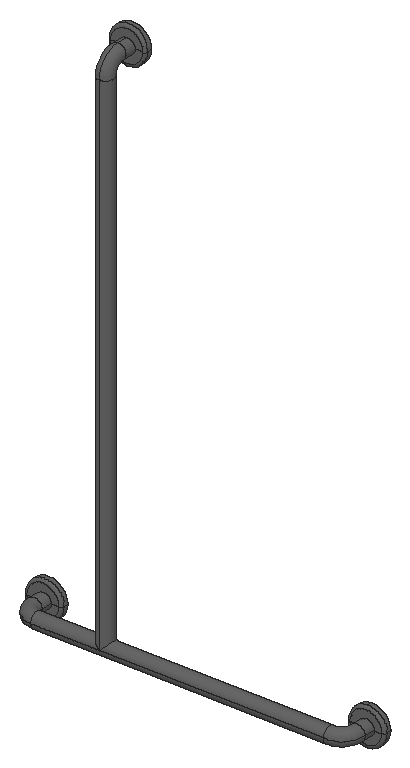
Revit family "RBA4115-923", category Plumbing Fixtures, Revit 2021
Family settings
  Round Connector Dimension = Use Diameter
  Part Type = Normal
  Work Plane-Based = No
  Always vertical = Yes
  Cut with Voids When Loaded = No
  Shared = No
  Room Calculation Point = No
Parameters (values of type "RBA4115-923")
  Watermarked By = "www.rba.com.au"
  URL = "www.rba.com.au"
  Phone Number = ""
  OFFSET [instance] = 800 mm
  Modified Issue = "20211007.01"
  Model = "RBA4115-923"
  Materials and Finishes = Stainless Steel Satin Finish
  Manufacturer = "RBA Group"
  Diameter = 32 mm
  Description = "90° Angled Shower Grab Rail"
  Default Elevation = 0 mm
  Copyright by = "RBA Group"
Reference planes
  plane 1 "Center (Front/Back)": y = 0
  plane 2: z = 0
  plane 3 "Center (Left/Right)": x = 0
  plane 4: z = 800
  plane 5: x = -175
  plane 6: x = 500
  plane 7: y = -87
  plane 8: y = -71
  plane 9: y = -55
  plane 10: x = 16
  plane 11: x = -16
  plane 12: z = 784
Forms (mm)
  Sweep 1, solid, material "Stainless Steel Satin Finish" <- "Materials and Finishes"
    path origin (0, 0, 0) x (1, 0, 0) y (0, 1, 0)
      loop
        line (-175, -10) -> (-175, -39)
        arc (-175, -39) -> (-165.627, -61.627) -> (-143, -71) r 32
        line (-143, -71) -> (468, -71)
        arc (468, -71) -> (490.627, -61.627) -> (500, -39) r 32
        line (500, -39) -> (500, -10)
    profile origin (-175, -24.5, 0) x (1, 0, 0) y (0, 0, 1)
      loop
        circle (0, 784) r 16
  Sweep 2, solid, material "Stainless Steel Satin Finish" <- "Materials and Finishes"
    path origin (0, 0, 0) x (0, 1, 0) y (0, 0, 1)
      loop
        line (-10, 1884) -> (-39, 1884)
        arc (-39, 1884) -> (-61.627, 1874.627) -> (-71, 1852) r 32
        line (-71, 1852) -> (-71, 784)
    profile origin (0, -24.5, 1884) x (0, 0, -1) y (1, 0, 0)
      loop
        circle (0, 0) r 16
  Revolve 3, solid, material "Stainless Steel Satin Finish" <- "Materials and Finishes"
    sketch origin (-0.48, 0, 784) x (1, 0, 0) y (0, 1, 0)
      loop
        line (-175, 0) -> (-214, 0) -> (-214, -9.179)
        arc (-214, -9.179) -> (-212.295, -13.295) -> (-208.179, -15) r 5.821
        line (-208.179, -15) -> (-175, -15) -> (-175, 0)
      axis (-175, -15) -> (-175, 0)
    angle from 0 to 360
  Extrusion 4, solid, material "Stainless Steel Satin Finish" <- "Materials and Finishes"
    sketch origin (-87.98, 0, 0) x (1, 0, 0) y (0, 0, 1)
      loop
        circle (-87.5, 784) r 37.5
    from 0 to 10
  Extrusion 5, solid, material "Stainless Steel Satin Finish" <- "Materials and Finishes"
    sketch origin (587.02, 0, 0) x (1, 0, 0) y (0, 0, 1)
      loop
        circle (-87.5, 784) r 37.5
    from 0 to 10
  Extrusion 6, void
    sketch origin (174.52, 0, 1100) x (1, 0, 0) y (0, 0, 1)
      loop
        circle (-151.428, 798.164) r 5
      loop
        circle (-151.428, 769.836) r 5
      loop
        circle (-198.572, 798.164) r 5
      loop
        circle (-174.52, 756.504) r 5
      loop
        circle (-198.572, 769.836) r 5
    from 0 to 10
  Extrusion 7, solid, material "Stainless Steel Satin Finish" <- "Materials and Finishes"
    sketch origin (87.02, 0, 1100) x (1, 0, 0) y (0, 0, 1)
      loop
        circle (-87.5, 784) r 37.5
    from 0 to 10
  Extrusion 8, void
    sketch origin (-0.48, 0, 1100) x (1, 0, 0) y (0, 0, 1)
      loop
        circle (-151.428, -301.836) r 5
      loop
        circle (-151.428, -330.164) r 5
      loop
        circle (-198.572, -301.836) r 5
      loop
        circle (-174.52, -343.496) r 5
      loop
        circle (-198.572, -330.164) r 5
    from 0 to 10
  Extrusion 9, void
    sketch origin (674.52, 0, 1100) x (1, 0, 0) y (0, 0, 1)
      loop
        circle (-151.428, -301.836) r 5
      loop
        circle (-151.428, -330.164) r 5
      loop
        circle (-198.572, -301.836) r 5
      loop
        circle (-174.52, -343.496) r 5
      loop
        circle (-198.572, -330.164) r 5
    from 0 to 10
  Revolve 10, solid, material "Stainless Steel Satin Finish" <- "Materials and Finishes"
    sketch origin (174.52, 0, 1884) x (1, 0, 0) y (0, 1, 0)
      loop
        line (-175, 0) -> (-214, 0) -> (-214, -9.179)
        arc (-214, -9.179) -> (-212.295, -13.295) -> (-208.179, -15) r 5.821
        line (-208.179, -15) -> (-175, -15) -> (-175, 0)
      axis (-175, -15) -> (-175, 0)
    angle from 0 to 360
  Revolve 11, solid, material "Stainless Steel Satin Finish" <- "Materials and Finishes"
    sketch origin (674.52, 0, 784) x (1, 0, 0) y (0, 1, 0)
      loop
        line (-175, 0) -> (-214, 0) -> (-214, -9.179)
        arc (-214, -9.179) -> (-212.295, -13.295) -> (-208.179, -15) r 5.821
        line (-208.179, -15) -> (-175, -15) -> (-175, 0)
      axis (-175, -15) -> (-175, 0)
    angle from 0 to 360
Cuts and joins
  Extrusion 8 cuts Extrusion 4
  Extrusion 6 cuts Extrusion 7
  Extrusion 8 cuts Revolve 3
  Extrusion 6 cuts Revolve 10
  Extrusion 9 cuts Revolve 11
  joined: Sweep 1, Sweep 2, Revolve 3, Revolve 10, Revolve 11
  Extrusion 9 cuts Extrusion 5
Dimensions and locks
  "OFFSET": plane 4 to level
  aligned and locked: level to plane 2
Automatic sketch dimensions
  plane 1 "Center (Front/Back)" to Sweep 1 sketch curve = 39 mm  (x2)
  Sweep 1 sketch curve to plane 3 "Center (Left/Right)" = 175 mm
  Sweep 1 sketch curve to Sweep 1 sketch curve = 32 mm
  plane 3 "Center (Left/Right)" to Sweep 1 sketch curve = 468 mm
  plane 1 "Center (Front/Back)" to Sweep 1 sketch curve = 10 mm  (x2)
  profile plane to Sweep 1 sketch curve = 0 mm
  level to Sweep 1 sketch curve = 784 mm
  plane 1 "Center (Front/Back)" to Sweep 2 sketch curve = 71 mm
  Sweep 2 sketch curve to Sweep 2 sketch curve = 32 mm
  plane 4 to Sweep 2 sketch curve = 1052 mm
  plane 1 "Center (Front/Back)" to Sweep 2 sketch curve = 10 mm
  Sweep 2 sketch curve to plane 4 = 16 mm
  Sweep 2 sketch curve to plane 3 "Center (Left/Right)" = 0 mm
  Sweep 2 sketch curve to profile plane = 0 mm
  plane 1 "Center (Front/Back)" to Revolve 3 sketch curve = 0 mm  (x2)
  plane 1 "Center (Front/Back)" to Revolve 3 sketch curve = 9.179 mm
  Revolve 3 sketch curve to plane 3 "Center (Left/Right)" = 214.48 mm
  Revolve 3 sketch curve to Revolve 3 sketch curve = 5.821 mm
  Revolve 3 sketch curve to Revolve 3 sketch curve = 33.179 mm
  Revolve 3 sketch curve to Revolve 3 sketch curve = 0 mm
  Revolve 3 sketch curve to Revolve 3 sketch curve = 10 mm
  Extrusion 4 sketch curve to plane 4 = 16 mm
  Extrusion 4 sketch curve to plane 3 "Center (Left/Right)" = 175.48 mm
  Extrusion 5 sketch curve to plane 4 = 16 mm
  plane 3 "Center (Left/Right)" to Extrusion 5 sketch curve = 499.52 mm
  Extrusion 6 sketch curve to plane 3 "Center (Left/Right)" = 0 mm
  Extrusion 6 sketch curve to plane 3 "Center (Left/Right)" = 24.052 mm  (x2)
  plane 3 "Center (Left/Right)" to Extrusion 6 sketch curve = 23.092 mm  (x2)
  plane 4 to Extrusion 6 sketch curve = 1056.504 mm
  Extrusion 6 sketch curve to Extrusion 6 sketch curve = 13.332 mm  (x2)
  Extrusion 6 sketch curve to Extrusion 6 sketch curve = 28.327 mm  (x2)
  Extrusion 7 sketch curve to plane 3 "Center (Left/Right)" = 0.48 mm
  plane 4 to Extrusion 7 sketch curve = 1084 mm
  Extrusion 8 sketch curve to plane 4 = 1.836 mm  (x2)
  Extrusion 8 sketch curve to plane 3 "Center (Left/Right)" = 199.052 mm
  Extrusion 8 sketch curve to Extrusion 8 sketch curve = 0 mm  (x2)
  Extrusion 8 sketch curve to Extrusion 8 sketch curve = 24.052 mm
  Extrusion 8 sketch curve to Extrusion 8 sketch curve = 23.092 mm
  Extrusion 8 sketch curve to Extrusion 8 sketch curve = 28.327 mm  (x2)
  Extrusion 8 sketch curve to Extrusion 8 sketch curve = 13.332 mm
  Extrusion 9 sketch curve to plane 4 = 1.836 mm  (x2)
  plane 3 "Center (Left/Right)" to Extrusion 9 sketch curve = 475.948 mm
  Extrusion 9 sketch curve to Extrusion 9 sketch curve = 0 mm  (x2)
  Extrusion 9 sketch curve to Extrusion 9 sketch curve = 24.052 mm
  Extrusion 9 sketch curve to Extrusion 9 sketch curve = 23.092 mm
  Extrusion 9 sketch curve to Extrusion 9 sketch curve = 28.327 mm  (x2)
  Extrusion 9 sketch curve to Extrusion 9 sketch curve = 13.332 mm
  plane 1 "Center (Front/Back)" to Revolve 10 sketch curve = 0 mm  (x2)
  plane 1 "Center (Front/Back)" to Revolve 10 sketch curve = 9.179 mm
  Revolve 10 sketch curve to plane 3 "Center (Left/Right)" = 39.48 mm
  Revolve 10 sketch curve to Revolve 10 sketch curve = 5.821 mm
  Revolve 10 sketch curve to plane 3 "Center (Left/Right)" = 0.48 mm
  Revolve 10 sketch curve to Revolve 10 sketch curve = 0 mm
  Revolve 10 sketch curve to plane 1 "Center (Front/Back)" = 10 mm
  plane 1 "Center (Front/Back)" to Revolve 11 sketch curve = 0 mm  (x2)
  plane 1 "Center (Front/Back)" to Revolve 11 sketch curve = 9.179 mm
  plane 3 "Center (Left/Right)" to Revolve 11 sketch curve = 460.52 mm
  Revolve 11 sketch curve to Revolve 11 sketch curve = 5.821 mm
  Revolve 11 sketch curve to Revolve 11 sketch curve = 33.179 mm
  Revolve 11 sketch curve to Revolve 11 sketch curve = 0 mm
  Revolve 11 sketch curve to plane 1 "Center (Front/Back)" = 10 mm
  radius of Sweep 1 sketch curve = 16 mm
  radius of Sweep 2 sketch curve = 16 mm
  radius of Extrusion 4 sketch curve = 37.5 mm
  radius of Extrusion 5 sketch curve = 37.5 mm
  radius of Extrusion 6 sketch curve = 5 mm  (x5)
  radius of Extrusion 7 sketch curve = 37.5 mm
  radius of Extrusion 8 sketch curve = 5 mm  (x5)
  radius of Extrusion 9 sketch curve = 5 mm  (x5)
